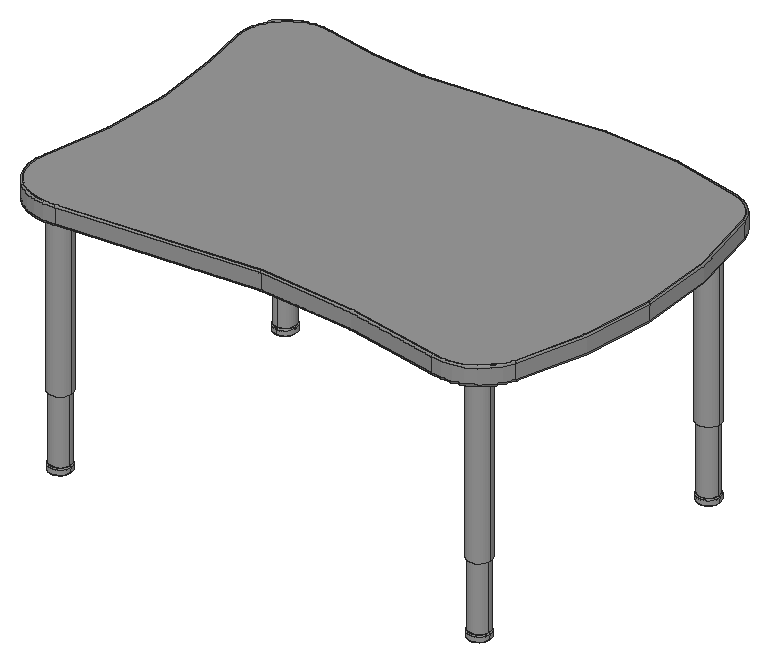
Revit family "Beluga Medium - Youth Shapes", category Generic Models, Revit 2018
Family settings
  Can host rebar = No
  Round Connector Dimension = Use Diameter
  Part Type = Normal
  Work Plane-Based = No
  Always vertical = Yes
  Cut with Voids When Loaded = No
  Shared = No
  Room Calculation Point = No
Parameters
  Surface = Beluga Desk Medium Youth Surface
  Leg Finish = Shapes Leg Platinum
  Height = 1' - 4"
  Glide / Caster = Shapes Youth Leg : Shapes Youth Leg
  Edgeband = Beluga Desk Medium Youth Edgeband
Reference planes (in)
  plane 1 "Center (Front/Back)": y = 0
  plane 2: z = 0
  plane 3 "Center (Left/Right)": x = 0
  plane 4: z = 16
Dimensions and locks (in)
  "Height": plane 4 to level
  aligned and locked: plane 2 to level
  aligned and locked: nested 1 to plane 4
Nested families (in)
  nested 1: "Beluga Medium Tabletop" at (0, 0, -12.16932), type "Beluga Medium Tabletop"
  nested 2: "Shapes Youth Leg" at (-14.23313, 9.87276, 0) x (0, 1, 0) z (0, 0, 1), Leg Height <- "Height", Shapes Leg Finish <- "Leg Finish", type "Shapes Youth Leg"
  nested 3: "Shapes Youth Leg" at (14.01378, 9.56083, 0), Leg Height <- "Height", Shapes Leg Finish <- "Leg Finish", type <- "Glide / Caster", type "Shapes Youth Leg"
  nested 4: "Shapes Youth Leg" at (-14.13014, -8.85846, 0), Leg Height <- "Height", Shapes Leg Finish <- "Leg Finish", type "Shapes Youth Leg"
  nested 5: "Shapes Youth Leg" at (13.75466, -9.07955, 0), Leg Height <- "Height", Shapes Leg Finish <- "Leg Finish", type <- "Glide / Caster", type "Shapes Youth Leg"
Definition of nested family "Beluga Medium Tabletop"
  Parameters (values of type "Beluga Medium Tabletop")
    Surface = none
    Edgeband = none
  Reference planes (in)
    plane 1 "Center (Front/Back)": y = 0
    plane 2: z = 0
    plane 3 "Center (Left/Right)": x = 0
  Forms (in)
    Extrusion 1, solid, material <- "Surface"
      sketch origin (0, 0, 0) x (1, 0, 0) y (0, 1, 0)
        loop
          arc (-13.05798, 12.08168) -> (-15.64341, 11.36326) -> (-16.46477, 8.80867) r 2.82789
          line (-16.46477, 8.80867) -> (-15.88516, 5.68142)
          arc (-15.88516, 5.68142) -> (-15.40806, -0.79534) -> (-16.35239, -7.22063) r 29.65208
          arc (-16.35239, -7.22063) -> (-15.56424, -10.17848) -> (-12.64139, -11.08784) r 3.16705
          arc (-12.64139, -11.08784) -> (-6.35331, -10.12649) -> (0, -9.81097) r 62.33765
          arc (0, -9.81097) -> (6.2572, -10.16084) -> (12.43935, -11.18852) r 57.59241
          arc (12.43935, -11.18852) -> (14.6727, -10.8588) -> (16.1145, -9.12163) r 3.15622
          arc (16.1145, -9.12163) -> (17.2485, -4.62246) -> (17.65018, 0) r 28.9898
          arc (17.65018, 0) -> (17.26847, 4.97473) -> (16.06857, 9.81765) r 30.03763
          arc (16.06857, 9.81765) -> (15.33862, 10.95737) -> (14.16003, 11.62272) r 2.80546
          arc (14.16003, 11.62272) -> (7.04441, 12.69556) -> (-0.12141, 12.03676) r 29.89142
          arc (-0.12141, 12.03676) -> (-3.26921, 11.52773) -> (-6.45286, 11.34834) r 30.66359
          arc (-6.45286, 11.34834) -> (-9.7765, 11.52517) -> (-13.05798, 12.08168) r 28.99825
      from 28.16932 to 29.36932
    Sweep 2, solid, material <- "Edgeband"
      path origin (0, 0, 0) x (1, 0, 0) y (0, 1, 0)
        loop
          arc (-12.64139, -11.08784) -> (-6.35331, -10.12649) -> (0, -9.81097) r 62.33765
          arc (0, -9.81097) -> (6.2572, -10.16084) -> (12.43935, -11.18852) r 57.59241
          arc (12.43935, -11.18852) -> (14.6727, -10.8588) -> (16.1145, -9.12163) r 3.15622
          arc (16.1145, -9.12163) -> (17.2485, -4.62246) -> (17.65018, 0) r 28.9898
          arc (17.65018, 0) -> (17.26847, 4.97473) -> (16.06857, 9.81765) r 30.03763
          arc (16.06857, 9.81765) -> (15.33862, 10.95737) -> (14.16003, 11.62272) r 2.80546
          arc (14.16003, 11.62272) -> (7.04441, 12.69556) -> (-0.12141, 12.03676) r 29.89142
          arc (-0.12141, 12.03676) -> (-3.26921, 11.52773) -> (-6.45286, 11.34834) r 30.66359
          arc (-6.45286, 11.34834) -> (-9.7765, 11.52517) -> (-13.05798, 12.08168) r 28.99825
          arc (-13.05798, 12.08168) -> (-15.64341, 11.36326) -> (-16.46477, 8.80867) r 2.82789
          line (-16.46477, 8.80867) -> (-15.88516, 5.68142)
          arc (-15.88516, 5.68142) -> (-15.40806, -0.79534) -> (-16.35239, -7.22063) r 29.65208
          arc (-16.35239, -7.22063) -> (-15.56424, -10.17848) -> (-12.64139, -11.08784) r 3.16705
      profile origin (-6.35331, -10.12649, 0) x (-0.100496, 0.994938, 0) y (0, 0, 1)
        loop
          line (0, 28.16932) -> (0, 29.36932)
          arc (0, 29.36932) -> (-0.08278, 29.33503) -> (-0.11707, 29.25225) r 0.11707
          line (-0.11707, 29.25225) -> (-0.11707, 28.2864)
          arc (-0.11707, 28.2864) -> (-0.08278, 28.20361) -> (0, 28.16932) r 0.11707
  Dimensions and locks (in)
    aligned and locked: plane 2 to level
Definition of nested family "Shapes Youth Leg"
  Parameters (values of type "Shapes Youth Leg")
    Shapes Leg Finish [instance] = none
    Leg Height [instance] = 1' - 4"
  Reference planes (in)
    plane 1 "Center (Front/Back)": y = 0
    plane 2: z = 0
    plane 3 "Center (Left/Right)": x = 0
  Forms (in)
    Extrusion 1, solid
      sketch origin (-0.01562, 0, 0) x (1, 0, 0) y (0, 1, 0)
        loop
          circle (0.01563, 0) r 0.64906
      from 0.50586 to 11
  Dimensions and locks (in)
    "Leg Height": nested 2 to level
    aligned and locked: plane 2 to level
  Automatic sketch dimensions
    plane 1 "Center (Front/Back)" to Extrusion 1 sketch curve = 0' - 0"
    Extrusion 1 sketch curve to plane 3 "Center (Left/Right)" = 0' - 0"
    radius of Extrusion 1 sketch curve = 0' - 0.64906"
  Nested families (in)
    nested 1: "Glider" at (0, 0, 0), type "Glider"
    nested 2: "Shapes Youth Upper Leg" at (0, 0, -1.25), Shapes Leg Finish <- "Shapes Leg Finish", type "Shapes Youth Upper Leg"
      with Shapes Leg Finish none
  Definition of nested family "Glider"
    Reference planes (in)
      plane 1 "Center (Front/Back)": y = 0
      plane 2: z = 0
      plane 3 "Center (Left/Right)": x = 0
    Forms (in)
      Revolve 1, solid
        sketch origin (0, 0, 0) x (1, 0, 0) y (0, 0, 1)
          loop
            line (0.26614, 0.50586) -> (0, 0.50586) -> (0, 0.09994) -> (0.71656, 0.09994) -> (0.71656, 0.37634)
            arc (0.71656, 0.37634) -> (0.70181, 0.41548) -> (0.66511, 0.43552) r 0.06011
            arc (0.66511, 0.43552) -> (0.46609, 0.45951) -> (0.26614, 0.47365) r 4.06535
            line (0.26614, 0.47365) -> (0.26614, 0.50586)
          axis (0, 0.50586) -> (0, 0.09994)
        angle from 0 to 360
      Revolve 2, solid
        sketch origin (0, 0, 0) x (1, 0, 0) y (0, 0, 1)
          loop
            line (0.65534, 0.1212) -> (0, 0.1212) -> (0, 0) -> (0.57593, 0)
            arc (0.57593, 0) -> (0.63208, 0.02326) -> (0.65534, 0.07941) r 0.07941
            line (0.65534, 0.07941) -> (0.65534, 0.1212)
          axis (0, 0.1212) -> (0, 0)
        angle from 0 to 360
    Dimensions and locks (in)
      aligned and locked: plane 2 to level
  Definition of nested family "Shapes Youth Upper Leg"
    Parameters (values of type "Shapes Youth Upper Leg")
      Shapes Leg Finish [instance] = none
    Reference planes (in)
      plane 1 "Center (Front/Back)": y = 0
      plane 2: z = 0
      plane 3 "Center (Left/Right)": x = 0
    Forms (in)
      Extrusion 1, solid, material <- "Shapes Leg Finish"
        sketch origin (0, 0, 0) x (1, 0, 0) y (0, 1, 0)
          loop
            circle (0, 0) r 0.75
        from 6 to 17.25
    Dimensions and locks (in)
      aligned and locked: plane 2 to level
